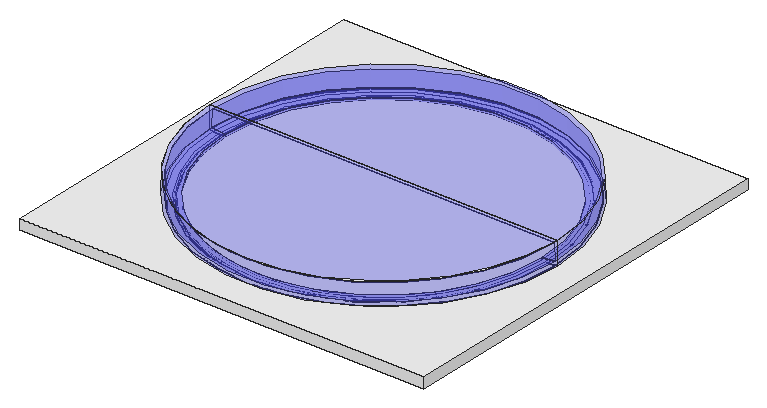
Revit family "BE_50529_de_DE", category Leuchten, Revit 2020
Family settings
  Basisbauteil = Fläche
  Bemaßung runder Anschluss = Durchmesser verwenden
  Teiletyp = Normal
  Beim Laden mit Abzugskörper schneiden = Ja
  Lichtquelle = Ja
  Gemeinsam genutzt = Nein
  Raumberechnungspunkt = Ja
Parameters (values of type "BEGA_50529_K4")
  built-in parameter 1150104 = 12.793 (stored number, unit not read)
  Wattage = 28.1 W
  Default Elevation = 0 mm
  built-in parameter 1150113 = 1 (stored number, unit not read)
  built-in parameter 1114218 = 1 (stored number, unit not read)
  Umgebungstemperatur = "25 °C"
  URL = "https://www.bega.com/de/produkt/50529"
  Typenkommentare = "© 2022 BEGA. Wir behalten uns das Recht vor, technische Änderungen ohne vorherige Ankündigung vorzunehmen."  # constant formula
  built-in parameter 1150134 = 12
  built-in parameter 1150109 = 1 (stored number, unit not read)
  Strom = "0,7 A"
  built-in parameter 1150110 = 1 (stored number, unit not read)
  Spannung = 0 V
  Sonderanfertigung = no
  Seriennummer [instance] = "Hier können Sie die eindeutige Seriennummer für das Facility Management eintragen."
  Schutzklasse = "III"
  Schutzart = "IP 20"
  Scheinlast = 0 VA
  Produktdatenblatt = "https://cdn.bega.com/bega/products/50529K3/current/documents/data-sheets/de"
  Oberflächentemperatur = ""
  Netzteil_DALI_steuerbar = no
  Neigungswinkel = 0.00°
  Modell = "50529K4"
  Material_34 = BEGA_Oberfläche_Samtweiss_matt
  Material_17 = BEGA_Reflektor
  Material_15 = BEGA_Leuchtmedium_matt
  Material_11 = BEGA_Glas_opal
  Material_09 = BEGA_Glas_klar
  Material_06 = BEGA_Oberfläche_Edelstahl_gebürstet
  Material_03 = BEGA_Oberfläche_Weiss_matt
  Material_02 = BEGA_Oberfläche_Silber_matt
  Material_01 [instance] = BEGA_Oberfläche_Grafit_matt
  M_W = yes
  M_G = yes
  M_A = yes
  Logo = 0
  built-in parameter 1114217 = 1 (stored number, unit not read)
  built-in parameter 1150139 = (empty or 0)
  built-in parameter 1150105 = 1154.6 (stored number, unit not read)
  built-in parameter 1150114 = 1 (stored number, unit not read)
  Lumens = 3869.37 lm
  built-in parameter 1150115 = 1 (stored number, unit not read)
  Leuchtenlichtstrom = "2196 lm"
  Leuchtenanzahl = ""
  Lebensdauerkriterien = "L70B50 @ 25 °C = 200000 h"
  Lastklassifizierung = Beleuchtung
  built-in parameter 1150112 = 1 (stored number, unit not read)
  Lampenlichtstrom = "3870 lm"
  Lampe = "LED 28.1 W"
  LED_Modulbezeichnung = "LED-0832/940"
  Hersteller = "BEGA"  # constant formula
  Halbstreuwinkel = ""
  Gewicht = "3.15 kg"
  Gebrauchslageneinschränkung [instance] = ""
  Frequenz = ""
  Farbwiedergabeindex = "CRI > 90"
  Farbtemperaturverschiebung bei Dämpfen der Lampe = <Keine Auswahl>
  Farbtemperatur = "4000 K"
  Color Filter = 16777215
  built-in parameter 1150133 = 10 (stored number, unit not read)
  Energieeffizienzklasse = "LED A++ - A"
  Einstecktiefe = ""
  built-in parameter 1150137 = (empty or 0)
  built-in parameter 1150132 = (empty or 0)
  Einbauöffnung = "325 mm"
  Einbautiefe = "65 mm"
  Einbaugehäuse = no
  Einbau_in_Wärmedämmung = ""
  ENEC = ""
  Datei für fotometrisches Netz = "BE_50529K4.IES"
  CE_Konformität = "ja"
  Bestellnummer_Netzteil_DALI_steuerbar = if(Netzteil_DALI_steuerbar, "13174", "---")  # "---"
  Bestellnummer_Einbaugehäuse = if(Einbaugehäuse, "13029", "---")  # "---"
  Bestellnummer = "50529K4"
  Beschreibung_Sonderanfertigung = "Hier können Sie Informationen zur Sonderanfertigung eintragen."
  Beschreibung = "Einbauleuchte"
  built-in parameter 1150106 = 11.546 (stored number, unit not read)
  Befestigungsabstand = "50 mm"
  BEGA_Intern_aus = yes
  BEGA_Intern_an = yes
  BEGA_Intern_Konstruktion = yes
  BEGA_Intern = yes
  BEGA_IES = yes
  BEGA_Dummy = no
  Anschlussleistung [instance] = "32 W"
  Anschlusskasten = ""
  built-in parameter 1150107 = 4000 (stored number, unit not read)
  built-in parameter 1150102 = (empty or 0)
  built-in parameter 1150138 = (empty or 0)
  Aktualisierung = "2022-05-19T04:00:07"
  AC/DC = ""
Types (2, lengths in mm): name | built-in parameter 1150104 | built-in parameter 1150134 | Modell | built-in parameter 1150105 | Lumens | Leuchtenlichtstrom | Lampenlichtstrom | LED_Modulbezeichnung | Farbtemperatur | Datei für fotometrisches Netz | Bestellnummer | built-in parameter 1150106 | built-in parameter 1150107
  BEGA_50529_K3 | 12.347 (stored number, unit not read) | (empty or 0) | "50529K3" | 297.18 (stored number, unit not read) | 3734.49 lm | "2120 lm" | "3735 lm" | "LED-0832/930" | "3000 K" | "BE_50529K3.IES" | "50529K3" | 2.9718 (stored number, unit not read) | 3000 (stored number, unit not read)
  BEGA_50529_K4 | 12.793 (stored number, unit not read) | 12 | "50529K4" | 1154.6 (stored number, unit not read) | 3869.37 lm | "2196 lm" | "3870 lm" | "LED-0832/940" | "4000 K" | "BE_50529K4.IES" | "50529K4" | 11.546 (stored number, unit not read) | 4000 (stored number, unit not read)
Reference planes
  plane 1 "Mitte (Vorne/Hinten)": y = 0
  plane 2: z = 0
  plane 3 "Mitte (Links/Rechts)": x = 0
  plane 4 "Links": x = -172.5
  plane 5 "Rechts": x = 172.5
  plane 6 "Unten": y = -172.5
  plane 7 "Oben": y = 172.5
  plane 8 "Vorne": z = 22.975
  plane 9 "Hinten": z = -48
Forms (mm)
  Extrusion 1, solid, material "BEGA_Platte_Weiss"
    sketch origin (0, -1119.2, 0) x (1, 0, 0) y (0, 1, 0)
      loop
        line (-200, 1319.2) -> (-200, 919.2) -> (200, 919.2) -> (200, 1319.2) -> (-200, 1319.2)
    from 0 to -10
  Extrusion 2, solid, material "BEGA_Dummy_matt", visible <- "BEGA_Dummy"
    sketch origin (77.149, -76.023, 0) x (1, 0, 0) y (0, 1, 0)
      loop
        circle (-77.149, 76.023) r 172.5
    from 0 to 22.975
Dimensions and locks
  plane 1 "Mitte (Vorne/Hinten)" to Extrusion 1 = 200 mm
  aligned and locked: plane 2 to Extrusion 1
  aligned and locked: level to Extrusion 1
Nested families
  nested 1: "BE_50529_de_DE_Vorlage" at (0, 0, 0), type "BE_50529_de_DE_Vorlage"
Connectors
  electrical at (0, 0, 0), driven by "Lastklassifizierung", driven by "Spannung", driven by "Scheinlast"
    settings: index 1, voltage 0 V, apparent load 0 VA, apparent load phase1 0 VA, apparent load phase2 0 VA, apparent load phase3 0 VA, power factor 1, load classification "Beleuchtung", number of poles 1, system type 31, power factor state 1, is connector primary yes, connector utility no, sub classification motor no, connector description ""
Definition of nested family "BE_50529_de_DE_Vorlage"
  Parameters (values of type "BE_50529_de_DE_Vorlage")
    Default Elevation = 1 mm
    URL = "http://www.bega.de/de/produkt"
    Type Comments = "© 2015 BEGA. Wir behalten uns das Recht vor, technische Änderungen ohne vorherige Ankündigung vorzunehmen. "  # constant formula
    Type Image = (empty or 0)
    Neigungswinkel_um_Z2 = 0.00°
    Neigungswinkel_um_Z1 = 0.00°
    Neigungswinkel_um_Y2 = 0.00°
    Neigungswinkel_um_Y1 = 0.00°
    Neigungswinkel_um_X2 = 0.00°
    Neigungswinkel_um_X1 = 0.00°
    Material_34 = none
    Material_17 = none
    Material_15 = none
    Material_11 = none
    Material_09 = none
    Material_06 = none
    Material_05 = none
    Material_02 = none
    Material_01 = none
    M_W = yes
    M_G = yes
    M_A = yes
    Länge_Platte = 200 mm  # constant formula
    Höhe_Platte = -10 mm  # constant formula
    Manufacturer = "BEGA"  # constant formula
    Drehwinkel_um_Z2 = 0.00°
    Drehwinkel_um_Z1 = 0.00°
    Breite_Platte = 200 mm  # constant formula
  Reference planes
    plane 1 "Mitte (Oben/Unten)": y = 0
    plane 2: z = 0
    plane 3 "Mitte (Links/Rechts)": x = 0
    plane 4 "Vorne": z = 22.975
    plane 5 "Hinten": z = -48
    plane 6: x = -172.5
    plane 7: x = 172.5
    plane 8: y = -172.5
    plane 9: y = 172.5
  Forms (mm)
    Extrusion 1, solid, detail levels medium
      sketch origin (0, 0, 0) x (1, 0, 0) y (0, 1, 0)
        loop
          line (-100, 100) -> (-100, -100) -> (100, -100) -> (100, 100) -> (-100, 100)
      from 0 to -10 <- "Höhe_Platte"
    Revolve 2, solid, material <- "Material_34"
      sketch origin (0, 0, 0) x (1, 0, 0) y (0, 0, 1)
        loop
          line (-169, 0) -> (-169, -2) -> (-162, -2) -> (-162, -13)
          arc (-162, -13) -> (-161.121, -15.121) -> (-159, -16) r 3
          line (-159, -16) -> (-143.637, -16) -> (-142.574, -46.446) -> (-141.02, -48) -> (0, -48) -> (0, -44) -> (-140.522, -44) -> (-141.703, -15.933) -> (-144.636, -13) -> (-160, -13) -> (-160, -3)
          arc (-160, -3) -> (-160.879, -0.879) -> (-163, 0) r 3
          line (-163, 0) -> (-169, 0)
        axis (0, 0) -> (0, -48)
      angle from 0 to 360
    Revolve 3, solid, material <- "Material_11"
      sketch origin (0, 0, 0) x (1, 0, 0) y (0, 0, 1)
        loop
          line (0, 22.975) -> (-171.72, 22.975) -> (-172.5, 0.643) -> (-159.75, -0.025) -> (-159.75, -2.122) -> (-143.75, -11.927) -> (-141.882, -12.025)
          arc (-141.882, -12.025) -> (-139.86, -13.578) -> (-140.586, -16.022) r 2.25
          arc (-140.586, -16.022) -> (-140.733, -17.236) -> (-139.927, -18.156) r 1.5
          line (-139.927, -18.156) -> (-136.75, -19.638) -> (-136.75, -39.025) -> (-132.66, -39.025) -> (-132.66, -18.153) -> (-136.174, -16) -> (-136.174, -8.992) -> (-142.79, -8.645) -> (-156.082, -0.499) -> (-156.082, 2.106) -> (-169.853, 3.311) -> (-169.256, 20.404) -> (0, 20.404) -> (0, 22.975)
        axis (0, 22.975) -> (0, -39.025)
      angle from 0 to 360
    Extrusion 4, void
      sketch origin (0, 0, 0) x (1, 0, 0) y (0, 1, 0)
        loop
          circle (4, 151.7) r 4
        loop
          circle (-5.5, 151.5) r 1.6
        loop
          circle (-133.376, -72.386) r 4
        loop
          circle (-128.453, -80.513) r 1.6
        loop
          arc (-4.25, -120.969) -> (-10, -117.5) -> (-15.75, -120.969) r 6.5
          line (-15.75, -120.969) -> (-15.75, -127.031)
          arc (-15.75, -127.031) -> (-10, -130.5) -> (-4.25, -127.031) r 6.5
          line (-4.25, -127.031) -> (-4.25, -120.969)
        loop
          line (4.25, -120.969) -> (4.25, -127.031)
          arc (4.25, -127.031) -> (10, -130.5) -> (15.75, -127.031) r 6.5
          line (15.75, -127.031) -> (15.75, -120.969)
          arc (15.75, -120.969) -> (10, -117.5) -> (4.25, -120.969) r 6.5
        loop
          circle (129.376, -79.314) r 4
        loop
          circle (133.953, -70.987) r 1.6
      from -75.309 to -11.927
  Cuts and joins
    Extrusion 4 cuts Revolve 3
    Extrusion 4 cuts Revolve 2
  Dimensions and locks
    equal spacing: Extrusion 1 sketch curve, plane 3 "Mitte (Links/Rechts)", Extrusion 1 sketch curve
    equal spacing: Extrusion 1 sketch curve, plane 1 "Mitte (Oben/Unten)", Extrusion 1 sketch curve
    "Länge_Platte": Extrusion 1 sketch curve to Extrusion 1 sketch curve
    "Breite_Platte": Extrusion 1 sketch curve to Extrusion 1 sketch curve
    aligned and locked: plane 2 to Extrusion 1
    aligned and locked: level to Extrusion 1
  Automatic sketch dimensions
    Revolve 2 sketch curve to level = 0 mm  (x2)
    Revolve 2 sketch curve to level = 2 mm
    Revolve 2 sketch curve to level = 3 mm
    Revolve 2 sketch curve to Revolve 2 sketch curve = 6 mm
    Revolve 2 sketch curve to Revolve 2 sketch curve = 1 mm  (x3)
    Revolve 2 sketch curve to Revolve 2 sketch curve = 10 mm
    Revolve 2 sketch curve to Revolve 2 sketch curve = 2 mm
    Revolve 2 sketch curve to Revolve 2 sketch curve = 0 mm  (x8)
    Revolve 2 sketch curve to Revolve 2 sketch curve = 14.364 mm
    Revolve 2 sketch curve to Revolve 2 sketch curve = 0.999 mm
    Revolve 2 sketch curve to Revolve 2 sketch curve = 1.063 mm
    Revolve 2 sketch curve to Revolve 2 sketch curve = 1.554 mm  (x2)
    Revolve 2 sketch curve to level = 15.933 mm
    Revolve 2 sketch curve to Revolve 2 sketch curve = 1.934 mm
    Revolve 2 sketch curve to Revolve 2 sketch curve = 2.052 mm
    Revolve 2 sketch curve to Revolve 2 sketch curve = 3 mm
    Revolve 2 sketch curve to Revolve 2 sketch curve = 28 mm
    Revolve 2 sketch curve to plane 3 "Mitte (Links/Rechts)" = 0 mm  (x2)
    Revolve 2 sketch curve to Revolve 2 sketch curve = 2.446 mm
    level to Revolve 3 sketch curve = 0.643 mm
    Revolve 3 sketch curve to Revolve 3 sketch curve = 0.78 mm
    level to Revolve 3 sketch curve = 3.311 mm
    Revolve 3 sketch curve to Revolve 3 sketch curve = 2.647 mm
    Revolve 3 sketch curve to level = 0.025 mm
    Revolve 3 sketch curve to Revolve 3 sketch curve = 10.103 mm
    level to Revolve 3 sketch curve = 2.106 mm
    Revolve 3 sketch curve to Revolve 3 sketch curve = 3.668 mm
    Revolve 3 sketch curve to level = 11.927 mm
    Revolve 3 sketch curve to Revolve 3 sketch curve = 12.332 mm
    Revolve 3 sketch curve to level = 8.645 mm
    Revolve 3 sketch curve to Revolve 3 sketch curve = 0.96 mm
    Revolve 3 sketch curve to Revolve 3 sketch curve = 1.75 mm
    Revolve 3 sketch curve to level = 18.156 mm
    Revolve 3 sketch curve to Revolve 3 sketch curve = 2.073 mm
    Revolve 3 sketch curve to Revolve 3 sketch curve = 0.627 mm
    Revolve 3 sketch curve to level = 19.638 mm
    Revolve 3 sketch curve to Revolve 3 sketch curve = 3.177 mm
    Revolve 3 sketch curve to Revolve 3 sketch curve = 6.616 mm
    Revolve 3 sketch curve to Revolve 3 sketch curve = 3.514 mm
    Revolve 3 sketch curve to Revolve 3 sketch curve = 19.387 mm
    Revolve 3 sketch curve to Revolve 3 sketch curve = 1.485 mm
    Revolve 3 sketch curve to Revolve 3 sketch curve = 1.362 mm
    Revolve 3 sketch curve to Revolve 3 sketch curve = 0.794 mm
    Revolve 3 sketch curve to Revolve 3 sketch curve = 2.345 mm
    Revolve 3 sketch curve to Revolve 3 sketch curve = 0.347 mm
    Revolve 3 sketch curve to Revolve 3 sketch curve = 2.097 mm
    Revolve 3 sketch curve to level = 0.499 mm
    Revolve 3 sketch curve to Revolve 3 sketch curve = 19.664 mm
    Revolve 3 sketch curve to Revolve 3 sketch curve = 2.464 mm
    Revolve 3 sketch curve to level = 12.025 mm
    Revolve 3 sketch curve to Revolve 3 sketch curve = 1.868 mm
    Revolve 3 sketch curve to Revolve 3 sketch curve = 0 mm
    Revolve 3 sketch curve to Revolve 3 sketch curve = 1.286 mm
    level to Revolve 3 sketch curve = 20.404 mm
    Revolve 3 sketch curve to plane 3 "Mitte (Links/Rechts)" = 0 mm  (x2)
    Extrusion 4 sketch curve to Extrusion 4 sketch curve = 0 mm  (x3)
    Extrusion 4 sketch curve to Extrusion 4 sketch curve = 4.923 mm
    Extrusion 4 sketch curve to plane 3 "Mitte (Links/Rechts)" = 10 mm
    Extrusion 4 sketch curve to plane 3 "Mitte (Links/Rechts)" = 5.5 mm
    Extrusion 4 sketch curve to plane 3 "Mitte (Links/Rechts)" = 4.25 mm
    plane 3 "Mitte (Links/Rechts)" to Extrusion 4 sketch curve = 4 mm
    Extrusion 4 sketch curve to Extrusion 4 sketch curve = 3.031 mm  (x3)
    Extrusion 4 sketch curve to Extrusion 4 sketch curve = 6.062 mm  (x3)
    plane 1 "Mitte (Oben/Unten)" to Extrusion 4 sketch curve = 80.513 mm
    Extrusion 4 sketch curve to Extrusion 4 sketch curve = 8.127 mm
    Extrusion 4 sketch curve to Extrusion 4 sketch curve = 0.2 mm
    Extrusion 4 sketch curve to Extrusion 4 sketch curve = 5.75 mm  (x3)
    plane 3 "Mitte (Links/Rechts)" to Extrusion 4 sketch curve = 4.25 mm
    Revolve 2 sketch curve to plane 5 "Hinten" = 174.158 mm
    plane 4 "Vorne" to Revolve 2 sketch curve = 385.457 mm
    Revolve 2 sketch curve to plane 3 "Mitte (Links/Rechts)" = 140.522 mm
    Revolve 3 sketch curve to plane 3 "Mitte (Links/Rechts)" = 132.66 mm
    Revolve 3 sketch curve to plane 5 "Hinten" = 174.158 mm
    Revolve 3 sketch curve to Revolve 3 sketch curve = 385.457 mm
    Extrusion 4 sketch curve to Extrusion 4 sketch curve = 112.703 mm
    Extrusion 4 sketch curve to Extrusion 4 sketch curve = 113.626 mm
    Extrusion 4 sketch curve to Extrusion 4 sketch curve = 4.577 mm
    plane 1 "Mitte (Oben/Unten)" to Extrusion 4 sketch curve = 79.314 mm
    Extrusion 4 sketch curve to Extrusion 4 sketch curve = 8.327 mm
    Extrusion 4 sketch curve to plane 8 = 51.531 mm
    plane 9 to Extrusion 4 sketch curve = 21 mm
    radius of Extrusion 4 sketch curve = 4 mm  (x3)
    radius of Extrusion 4 sketch curve = 1.6 mm  (x3)
